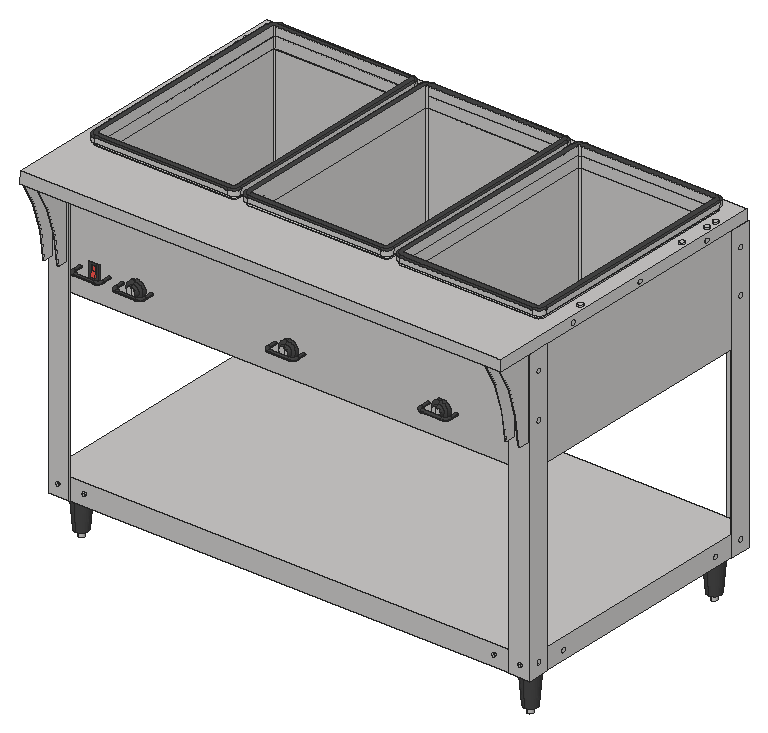
Revit family "QF_VOLLRATH_38217_SERVEWELL_SL_HOT_FOOD_TABLE", category Specialty Equipment, Revit 2022
Family settings
  Round Connector Dimension = Use Diameter
  Part Type = Normal
  Work Plane-Based = No
  Always vertical = Yes
  Cut with Voids When Loaded = No
  Maintain Annotation Orientation = No
  Shared = No
  Room Calculation Point = No
Parameters
  Weight in Pounds = 0
  Watts = 600 W
  Volts = 208 V
  URL Cutsheet = ""
  Specification by User = ""
  Specification by Manufacturer = ""
  Serial Number = ""
  Seismic Rating = ""
  SMACNA No = ""
  Revision Code = ""
  Phase = 1
  Number of Poles = 1
  NAFEM Spec ID Number = ""
  Model = "38217"
  Min Ckt Ampacity = 0 A
  Max Overcurrent Protection = 0 A
  Masterspec = ""
  Manufacturer = "VOLLRATH"
  Length = 46"
  Item Number = ""
  Installed By = ""
  Identify Quantity as Lot = yes
  Height = 34"
  HP = ""
  Furnished By = ""
  Foodservice Equipment Identifier = yes
  FL Amps = 15 A
  Electrical Remarks = ""
  Electric Connection Type = ""
  Elec Conn RI Height = 0"
  Elec Conn Connection Height = 0"
  Description = "SERVEWELL SL HOT FOOD TABLE"
  Depth = 29 1/2"
  Default Elevation = 0"
  Cycle = 0 Hz
  Conn Plug = "NEMA 6-15P"
  Conn Conduit = yes
  CSI MasterFormat = ""
  Apparent Power = if(Phase = 3, Volts * FL Amps * 1.73, Volts * FL Amps)  # 3120 VA
Reference planes (in)
  plane 1 "BACK": y = 0
  plane 2: z = 0
  plane 3 "LEFT": x = 0
  plane 4 "RIGHT": x = 46
  plane 5 "FRONT": y = -29.5
  plane 6 "TOP": z = 34
  plane 7 "Center Y": x = 23
  plane 8 "Center X": y = -14.75
Dimensions and locks (in)
  equal spacing: plane 3 "LEFT", plane 7 "Center Y", plane 4 "RIGHT"
  "Length": plane 3 "LEFT" to plane 4 "RIGHT"
  equal spacing: plane 5 "FRONT", plane 8 "Center X", plane 1 "BACK"
  "Depth": plane 5 "FRONT" to plane 1 "BACK"
  "Height": plane 6 "TOP" to level
  nested 1 to level = 4"
  plane 4 "RIGHT" to plane 3 "LEFT" = 46"
  aligned and locked: level to plane 2
Nested families (in)
  nested 1: "QF_VOLLRATH_38203" at (0, 0, 0), type "QF_VOLLRATH_38203"
Connectors (in)
  electrical at (4.37729, -23.99392, 21.75393)
    settings: on nested 1, index 1, voltage 120 V, apparent load 0 VA, apparent load phase1 0 VA, apparent load phase2 0 VA, apparent load phase3 0 VA, power factor 1, load classification "Other", number of poles 1, system type 30, power factor state 1, is connector primary yes, connector utility no, sub classification motor no, connector description "ELECTRICAL CONNECTION"
Definition of nested family "QF_VOLLRATH_38203"
  Parameters (values of type "QF_VOLLRATH_38203")
    Weight in Pounds = 0
    Watts = 480 W
    Volts = 120 V
    URL Cutsheet = ""
    Specification by User = ""
    Specification by Manufacturer = ""
    Serial Number = ""
    Seismic Rating = ""
    SMACNA No = ""
    Revision Code = ""
    Phase = 0
    Number of Poles = 1
    NAFEM Spec ID Number = ""
    Model = "38203"
    Min Ckt Ampacity = 0 A
    Max Overcurrent Protection = 0 A
    Masterspec = ""
    Manufacturer = "VOLLRATH"
    Length = 46"
    Item Number = ""
    Installed By = ""
    Identify Quantity as Lot = yes
    Height = 34"
    HP = ""
    Furnished By = ""
    Foodservice Equipment Identifier = yes
    FL Amps = 15 A
    Electrical Remarks = ""
    Electric Connection Type = ""
    Elec Conn RI Height = 0"
    Elec Conn Connection Height = 0"
    Description = "SERVEWELL SL HOT FOOD TABLE"
    Depth = 29 1/2"
    Default Elevation = 0"
    Cycle = 0 Hz
    Conn Plug = "NEMA 5-15P"
    Conn Conduit = yes
    CSI MasterFormat = ""
    Apparent Power = if(Phase = 3, Volts * FL Amps * 1.73, Volts * FL Amps)  # 1800 VA
  Reference planes (in)
    plane 1 "BACK": y = 0
    plane 2: z = 0
    plane 3 "LEFT": x = 0
    plane 4 "RIGHT": x = 46
    plane 5 "FRONT": y = -29.5
    plane 6 "TOP": z = 34
    plane 7 "Center Y": x = 23
    plane 8 "Center X": y = -14.75
    plane 9: z = 4
    plane 10: y = -26
    plane 11: z = 6
    plane 12: x = 1.5
    plane 13: y = -18.1465
  Forms (in)
    Extrusion 1, solid
      sketch origin (-38.39759, -180, 34) x (-1, 0, 0) y (0, -1, 0)
        loop
          line (-38.39759, -180) -> (-38.39759, -150.5) -> (-84.39759, -150.5) -> (-84.39759, -180) -> (-38.39759, -180)
        loop
          arc (-40.4056, -178.50988) -> (-40.29511, -178.46411) -> (-40.24935, -178.35363) r 0.15625
          line (-40.24935, -178.35363) -> (-40.24935, -157.60363)
          arc (-40.24935, -157.60363) -> (-40.29511, -157.49314) -> (-40.4056, -157.44738) r 0.15625
          line (-40.4056, -157.44738) -> (-53.1556, -157.44738)
          arc (-53.1556, -157.44738) -> (-53.26608, -157.49314) -> (-53.31185, -157.60363) r 0.15625
          line (-53.31185, -157.60363) -> (-53.31185, -178.35363)
          arc (-53.31185, -178.35363) -> (-53.26608, -178.46411) -> (-53.1556, -178.50988) r 0.15625
          line (-53.1556, -178.50988) -> (-40.4056, -178.50988)
        loop
          line (-82.38959, -178.50988) -> (-69.63959, -178.50988)
          arc (-69.63959, -178.50988) -> (-69.5291, -178.46411) -> (-69.48334, -178.35363) r 0.15625
          line (-69.48334, -178.35363) -> (-69.48334, -157.60363)
          arc (-69.48334, -157.60363) -> (-69.5291, -157.49314) -> (-69.63959, -157.44738) r 0.15625
          line (-69.63959, -157.44738) -> (-82.38959, -157.44738)
          arc (-82.38959, -157.44738) -> (-82.50007, -157.49314) -> (-82.54584, -157.60363) r 0.15625
          line (-82.54584, -157.60363) -> (-82.54584, -178.35363)
          arc (-82.54584, -178.35363) -> (-82.50007, -178.46411) -> (-82.38959, -178.50988) r 0.15625
        loop
          line (-67.76459, -178.50988) -> (-55.01459, -178.50988)
          arc (-55.01459, -178.50988) -> (-54.9041, -178.46411) -> (-54.85834, -178.35363) r 0.15625
          line (-54.85834, -178.35363) -> (-54.85834, -157.60363)
          arc (-54.85834, -157.60363) -> (-54.9041, -157.49314) -> (-55.01459, -157.44738) r 0.15625
          line (-55.01459, -157.44738) -> (-67.76459, -157.44738)
          arc (-67.76459, -157.44738) -> (-67.87507, -157.49314) -> (-67.92084, -157.60363) r 0.15625
          line (-67.92084, -157.60363) -> (-67.92084, -178.35363)
          arc (-67.92084, -178.35363) -> (-67.87507, -178.46411) -> (-67.76459, -178.50988) r 0.15625
      from -0.90354 to -1.94773
    Extrusion 2, solid
      sketch origin (0, 0, 0) x (1, 0, 0) y (0, 1, 0)
        loop
          line (0, -26) -> (46, -26) -> (46, 0) -> (0, 0) -> (0, -26)
        loop
          arc (14.91425, -1.64637) -> (14.86849, -1.53589) -> (14.758, -1.49012) r 0.15625
          line (14.758, -1.49012) -> (2.008, -1.49012)
          arc (2.008, -1.49012) -> (1.89752, -1.53589) -> (1.85175, -1.64637) r 0.15625
          line (1.85175, -1.64637) -> (1.85175, -22.39637)
          arc (1.85175, -22.39637) -> (1.89752, -22.50686) -> (2.008, -22.55262) r 0.15625
          line (2.008, -22.55262) -> (14.758, -22.55262)
          arc (14.758, -22.55262) -> (14.86849, -22.50686) -> (14.91425, -22.39637) r 0.15625
          line (14.91425, -22.39637) -> (14.91425, -1.64637)
        loop
          arc (16.47675, -22.39637) -> (16.52252, -22.50686) -> (16.633, -22.55262) r 0.15625
          line (16.633, -22.55262) -> (29.383, -22.55262)
          arc (29.383, -22.55262) -> (29.49349, -22.50686) -> (29.53925, -22.39637) r 0.15625
          line (29.53925, -22.39637) -> (29.53925, -1.64637)
          arc (29.53925, -1.64637) -> (29.49349, -1.53589) -> (29.383, -1.49012) r 0.15625
          line (29.383, -1.49012) -> (16.633, -1.49012)
          arc (16.633, -1.49012) -> (16.52252, -1.53589) -> (16.47675, -1.64637) r 0.15625
          line (16.47675, -1.64637) -> (16.47675, -22.39637)
        loop
          arc (31.08575, -22.39637) -> (31.13151, -22.50686) -> (31.242, -22.55262) r 0.15625
          line (31.242, -22.55262) -> (43.992, -22.55262)
          arc (43.992, -22.55262) -> (44.10248, -22.50686) -> (44.14825, -22.39637) r 0.15625
          line (44.14825, -22.39637) -> (44.14825, -1.64637)
          arc (44.14825, -1.64637) -> (44.10248, -1.53589) -> (43.992, -1.49012) r 0.15625
          line (43.992, -1.49012) -> (31.242, -1.49012)
          arc (31.242, -1.49012) -> (31.13151, -1.53589) -> (31.08575, -1.64637) r 0.15625
          line (31.08575, -1.64637) -> (31.08575, -22.39637)
      from 21.87893 to 32.05227
    Extrusion 3, solid
      sketch origin (0, 0, 0) x (1, 0, 0) y (0, 1, 0)
        loop
          line (-0.0625, -26.0625) -> (1.9375, -26.0625) -> (1.9375, -26) -> (0, -26) -> (0, -24.0625) -> (-0.0625, -24.0625) -> (-0.0625, -26.0625)
        loop
          line (46.0625, -26.0625) -> (46.0625, -24.0625) -> (46, -24.0625) -> (46, -26) -> (44.0625, -26) -> (44.0625, -26.0625) -> (46.0625, -26.0625)
        loop
          line (-0.0625, 0.0625) -> (-0.0625, -1.9375) -> (0, -1.9375) -> (0, 0) -> (1.9375, 0) -> (1.9375, 0.0625) -> (-0.0625, 0.0625)
        loop
          line (46.0625, 0.0625) -> (44.0625, 0.0625) -> (44.0625, 0) -> (46, 0) -> (46, -1.9375) -> (46.0625, -1.9375) -> (46.0625, 0.0625)
      from 4 to 32.05227
    Extrusion 4, solid
      sketch origin (0, -180, 4) x (-1, 0, 0) y (0, -1, 0)
        loop
          line (0, -180) -> (0, -154) -> (-46, -154) -> (-46, -180) -> (0, -180)
      from 0 to 2
    Revolve 5, solid
      sketch origin (44.5, 0, 0) x (0, 1, 0) y (0, 0, -1)
        loop
          line (-24.0625, -4) -> (-24.0625, 0) -> (-24.34375, 0) -> (-24.34375, -0.5625) -> (-24.69114, -0.5625) -> (-24.99188, -4) -> (-24.0625, -4)
        axis (-24.0625, -4) -> (-24.0625, 0)
      angle from 0 to 360
    Sweep 6, solid
      path origin (0, 0, 0) x (1, 0, 0) y (0, 1, 0)
        loop
          arc (2.008, -1.14637) -> (1.65445, -1.29282) -> (1.508, -1.64637) r 0.5
          line (1.508, -1.64637) -> (1.508, -22.39637)
          arc (1.508, -22.39637) -> (1.65445, -22.74993) -> (2.008, -22.89637) r 0.5
          line (2.008, -22.89637) -> (14.758, -22.89637)
          arc (14.758, -22.89637) -> (15.11156, -22.74993) -> (15.258, -22.39637) r 0.5
          line (15.258, -22.39637) -> (15.258, -1.64637)
          arc (15.258, -1.64637) -> (15.11156, -1.29282) -> (14.758, -1.14637) r 0.5
          line (14.758, -1.14637) -> (2.008, -1.14637)
      profile origin (8.383, -1.14637, 0) x (0, 1, 0) y (0, 0, 1)
        loop
          arc (0.21875, 33.86984) -> (0.18063, 33.96188) -> (0.08859, 34) r 0.13016
          line (0.08859, 34) -> (-0.34375, 34) -> (-0.34375, 21.87893) -> (0, 21.87893) -> (0, 33.09646)
          arc (0, 33.09646) -> (-0.07256, 33.26176) -> (-0.03125, 33.4375) r 0.285
          line (-0.03125, 33.4375) -> (0.21875, 33.4375) -> (0.21875, 33.86984)
    Sweep 7, solid
      path origin (14.625, 0, 0) x (1, 0, 0) y (0, 1, 0)
        loop
          arc (2.008, -1.14637) -> (1.65445, -1.29282) -> (1.508, -1.64637) r 0.5
          line (1.508, -1.64637) -> (1.508, -22.39637)
          arc (1.508, -22.39637) -> (1.65445, -22.74993) -> (2.008, -22.89637) r 0.5
          line (2.008, -22.89637) -> (14.758, -22.89637)
          arc (14.758, -22.89637) -> (15.11156, -22.74993) -> (15.258, -22.39637) r 0.5
          line (15.258, -22.39637) -> (15.258, -1.64637)
          arc (15.258, -1.64637) -> (15.11156, -1.29282) -> (14.758, -1.14637) r 0.5
          line (14.758, -1.14637) -> (2.008, -1.14637)
      profile origin (23.008, -1.14637, 0) x (0, 1, 0) y (0, 0, 1)
        loop
          arc (0.21875, 33.86984) -> (0.18063, 33.96188) -> (0.08859, 34) r 0.13016
          line (0.08859, 34) -> (-0.34375, 34) -> (-0.34375, 21.87893) -> (0, 21.87893) -> (0, 33.09646)
          arc (0, 33.09646) -> (-0.07256, 33.26176) -> (-0.03125, 33.4375) r 0.285
          line (-0.03125, 33.4375) -> (0.21875, 33.4375) -> (0.21875, 33.86984)
    Sweep 8, solid
      path origin (46, 0, 0) x (-1, 0, 0) y (0, -1, 0)
        loop
          line (2.008, 1.14637) -> (14.758, 1.14637)
          arc (14.758, 1.14637) -> (15.11156, 1.29282) -> (15.258, 1.64637) r 0.5
          line (15.258, 1.64637) -> (15.258, 22.39637)
          arc (15.258, 22.39637) -> (15.11156, 22.74993) -> (14.758, 22.89637) r 0.5
          line (14.758, 22.89637) -> (2.008, 22.89637)
          arc (2.008, 22.89637) -> (1.65445, 22.74993) -> (1.508, 22.39637) r 0.5
          line (1.508, 22.39637) -> (1.508, 1.64637)
          arc (1.508, 1.64637) -> (1.65445, 1.29282) -> (2.008, 1.14637) r 0.5
      profile origin (37.617, -1.14637, 0) x (0, -1, 0) y (0, 0, 1)
        loop
          line (-0.21875, 33.86984) -> (-0.21875, 33.4375) -> (0.03125, 33.4375)
          arc (0.03125, 33.4375) -> (0.07256, 33.26176) -> (0, 33.09646) r 0.285
          line (0, 33.09646) -> (0, 21.87893) -> (0.34375, 21.87893) -> (0.34375, 34) -> (-0.08859, 34)
          arc (-0.08859, 34) -> (-0.18063, 33.96188) -> (-0.21875, 33.86984) r 0.13016
    Extrusion 9, solid
      sketch origin (0, 0, 0) x (0, 1, 0) y (0, 0, 1)
        loop
          arc (-29.38523, 32.05227) -> (-27.76168, 28.48926) -> (-27.05801, 24.63752) r 15.90135
          arc (-27.05801, 24.63752) -> (-26.98006, 24.47007) -> (-26.80842, 24.40183) r 0.25
          line (-26.80842, 24.40183) -> (-26.0625, 24.40183) -> (-26.0625, 32.05227) -> (-29.38523, 32.05227)
      from 0.19267 to 0.26943
    Extrusion 10, solid
      sketch origin (1.38301, 0, 0) x (0, 1, 0) y (0, 0, 1)
        loop
          arc (-29.38523, 32.05227) -> (-27.76168, 28.48926) -> (-27.05801, 24.63752) r 15.90135
          arc (-27.05801, 24.63752) -> (-26.98006, 24.47007) -> (-26.80842, 24.40183) r 0.25
          line (-26.80842, 24.40183) -> (-26.0625, 24.40183) -> (-26.0625, 32.05227) -> (-29.38523, 32.05227)
      from 0.12501 to 0.21028
    Extrusion 11, solid
      sketch origin (46, 0, 0) x (0, 1, 0) y (0, 0, -1)
        loop
          line (-29.38523, -32.05227) -> (-26.0625, -32.05227) -> (-26.0625, -24.40183) -> (-26.80842, -24.40183)
          arc (-26.80842, -24.40183) -> (-26.98006, -24.47007) -> (-27.05801, -24.63752) r 0.25
          arc (-27.05801, -24.63752) -> (-27.76168, -28.48926) -> (-29.38523, -32.05227) r 15.90135
      from 0.19267 to 0.26943
    Extrusion 12, solid
      sketch origin (44.61699, 0, 0) x (0, 1, 0) y (0, 0, -1)
        loop
          line (-29.38523, -32.05227) -> (-26.0625, -32.05227) -> (-26.0625, -24.40183) -> (-26.80842, -24.40183)
          arc (-26.80842, -24.40183) -> (-26.98006, -24.47007) -> (-27.05801, -24.63752) r 0.25
          arc (-27.05801, -24.63752) -> (-27.76168, -28.48926) -> (-29.38523, -32.05227) r 15.90135
      from 0.12501 to 0.21028
    Revolve 13, solid
      sketch origin (8.383, 0.0625, 0) x (0, 1, 0) y (0, 0, 1)
        loop
          line (-26.0625, 24.44451) -> (-26.0625, 25.25473) -> (-26.36725, 25.25473) -> (-26.50448, 24.94383) -> (-26.8125, 24.8613) -> (-26.8125, 24.44451) -> (-26.0625, 24.44451)
        axis (-26.8125, 24.44451) -> (-26.0625, 24.44451)
      angle from 0 to 360
    Sweep 14, solid
      path origin (0, 0, 0) x (1, 0, 0) y (0, 1, 0)
        loop
          line (7, -26) -> (7, -26.83521)
          arc (7, -26.83521) -> (7.12149, -27.12851) -> (7.41479, -27.25) r 0.41479
          line (7.41479, -27.25) -> (9.33594, -27.25)
          arc (9.33594, -27.25) -> (9.62872, -27.12872) -> (9.75, -26.83594) r 0.41406
          line (9.75, -26.83594) -> (9.75, -26)
      profile origin (8.37537, -27.25, 0) x (0, 1, 0) y (0, 0, 1)
        loop
          circle (0, 24.4375) r 0.125
    Revolve 15, solid
      sketch origin (23, 0.0625, 0) x (0, 1, 0) y (0, 0, 1)
        loop
          line (-26.0625, 24.44451) -> (-26.0625, 25.25473) -> (-26.36725, 25.25473) -> (-26.50448, 24.94383) -> (-26.8125, 24.8613) -> (-26.8125, 24.44451) -> (-26.0625, 24.44451)
        axis (-26.8125, 24.44451) -> (-26.0625, 24.44451)
      angle from 0 to 360
    Sweep 16, solid
      path origin (14.617, 0, 0) x (1, 0, 0) y (0, 1, 0)
        loop
          line (7, -26) -> (7, -26.83521)
          arc (7, -26.83521) -> (7.12149, -27.12851) -> (7.41479, -27.25) r 0.41479
          line (7.41479, -27.25) -> (9.33594, -27.25)
          arc (9.33594, -27.25) -> (9.62872, -27.12872) -> (9.75, -26.83594) r 0.41406
          line (9.75, -26.83594) -> (9.75, -26)
      profile origin (22.99236, -27.25, 0) x (0, 1, 0) y (0, 0, 1)
        loop
          circle (0, 24.4375) r 0.125
    Revolve 17, solid
      sketch origin (37.617, 0.0625, 0) x (0, 1, 0) y (0, 0, -1)
        loop
          line (-26.0625, -24.44451) -> (-26.8125, -24.44451) -> (-26.8125, -24.8613) -> (-26.50448, -24.94383) -> (-26.36725, -25.25473) -> (-26.0625, -25.25473) -> (-26.0625, -24.44451)
        axis (-26.8125, -24.44451) -> (-26.0625, -24.44451)
      angle from 0 to 360
    Sweep 18, solid
      path origin (46, 0, 0) x (-1, 0, 0) y (0, -1, 0)
        loop
          line (7, 26) -> (7, 26.83521)
          arc (7, 26.83521) -> (7.12149, 27.12851) -> (7.41479, 27.25) r 0.41479
          line (7.41479, 27.25) -> (9.33594, 27.25)
          arc (9.33594, 27.25) -> (9.62872, 27.12872) -> (9.75, 26.83594) r 0.41406
          line (9.75, 26.83594) -> (9.75, 26)
      profile origin (37.62463, -27.25, 0) x (0, -1, 0) y (0, 0, 1)
        loop
          circle (0, 24.4375) r 0.125
    Extrusion 19, solid
      sketch origin (0, -26, 0) x (1, 0, 0) y (0, 0, 1)
        loop
          line (3.81326, 25.25117) -> (3.81326, 23.75117) -> (4.81326, 23.75117) -> (4.81326, 25.25117) -> (3.81326, 25.25117)
        loop
          line (4.10495, 25.04634) -> (4.10495, 24.03072) -> (4.52019, 24.03072) -> (4.52019, 25.04634) -> (4.10495, 25.04634)
      from 0 to 0.0625
    Extrusion 20, solid
      sketch origin (4.10495, -26, 24.53072) x (0, 0, 1) y (0, -1, 0)
        loop
          line (0.51563, 0.0625) -> (0.51563, 0.12731) -> (0.05202, 0.12731) -> (-0.49994, 0.20488) -> (-0.49994, 0.0625) -> (0.51563, 0.0625)
      from 0 to 0.41524
    Sweep 21, solid
      path origin (-4.03125, 0, 0) x (1, 0, 0) y (0, 1, 0)
        loop
          line (7, -26) -> (7, -26.83521)
          arc (7, -26.83521) -> (7.12149, -27.12851) -> (7.41479, -27.25) r 0.41479
          line (7.41479, -27.25) -> (9.33594, -27.25)
          arc (9.33594, -27.25) -> (9.62872, -27.12872) -> (9.75, -26.83594) r 0.41406
          line (9.75, -26.83594) -> (9.75, -26)
      profile origin (4.34412, -27.25, 0) x (0, 1, 0) y (0, 0, 1)
        loop
          circle (0, 24.4375) r 0.125
    Extrusion 22, solid
      sketch origin (0, 0, 21.87893) x (0, 1, 0) y (1, 0, 0)
        loop
          circle (-19.65638, 8.32444) r 0.5
        loop
          line (-22.39637, 1.85175) -> (-1.64637, 1.85175)
          arc (-1.64637, 1.85175) -> (-1.53589, 1.89752) -> (-1.49012, 2.008) r 0.15625
          line (-1.49012, 2.008) -> (-1.49012, 14.758)
          arc (-1.49012, 14.758) -> (-1.53589, 14.86849) -> (-1.64637, 14.91425) r 0.15625
          line (-1.64637, 14.91425) -> (-22.39637, 14.91425)
          arc (-22.39637, 14.91425) -> (-22.50686, 14.86849) -> (-22.55262, 14.758) r 0.15625
          line (-22.55262, 14.758) -> (-22.55262, 2.008)
          arc (-22.55262, 2.008) -> (-22.50686, 1.89752) -> (-22.39637, 1.85175) r 0.15625
        loop
          circle (-19.65638, 37.67556) r 0.5
        loop
          arc (-22.39637, 44.14825) -> (-22.50686, 44.10248) -> (-22.55262, 43.992) r 0.15625
          line (-22.55262, 43.992) -> (-22.55262, 31.242)
          arc (-22.55262, 31.242) -> (-22.50686, 31.13151) -> (-22.39637, 31.08575) r 0.15625
          line (-22.39637, 31.08575) -> (-1.64637, 31.08575)
          arc (-1.64637, 31.08575) -> (-1.53589, 31.13151) -> (-1.49012, 31.242) r 0.15625
          line (-1.49012, 31.242) -> (-1.49012, 43.992)
          arc (-1.49012, 43.992) -> (-1.53589, 44.10248) -> (-1.64637, 44.14825) r 0.15625
          line (-1.64637, 44.14825) -> (-22.39637, 44.14825)
        loop
          circle (-19.65638, 23.05056) r 0.5
        loop
          arc (-22.39637, 29.52325) -> (-22.50686, 29.47748) -> (-22.55262, 29.367) r 0.15625
          line (-22.55262, 29.367) -> (-22.55262, 16.617)
          arc (-22.55262, 16.617) -> (-22.50686, 16.50651) -> (-22.39637, 16.46075) r 0.15625
          line (-22.39637, 16.46075) -> (-1.64637, 16.46075)
          arc (-1.64637, 16.46075) -> (-1.53589, 16.50651) -> (-1.49012, 16.617) r 0.15625
          line (-1.49012, 16.617) -> (-1.49012, 29.367)
          arc (-1.49012, 29.367) -> (-1.53589, 29.47748) -> (-1.64637, 29.52325) r 0.15625
          line (-1.64637, 29.52325) -> (-22.39637, 29.52325)
      from 0 to -0.48173
    Extrusion 23, solid
      sketch origin (0.1875, 0, 21.87893) x (0, 1, 0) y (1, 0, 0)
        loop
          circle (-23.99392, 4.18979) r 0.5
      from 0 to 0.125
    Extrusion 24, solid
      sketch origin (0, 0, 21.87893) x (0, 1, 0) y (1, 0, 0)
        loop
          circle (-19.65551, 8.32474) r 0.5
        loop
          circle (-19.65551, 37.67526) r 0.5
        loop
          circle (-19.65551, 23.05469) r 0.5
        loop
          circle (-19.65551, 8.32474) r 0.5625
        loop
          circle (-19.65551, 23.05469) r 0.5625
        loop
          circle (-19.65551, 37.67526) r 0.5625
      from 0 to 2
    Extrusion 25, solid
      sketch origin (0, 0, 0) x (1, 0, 0) y (0, 0, 1)
        loop
          arc (8.11974, 21.11331) -> (7.98829, 20.87122) -> (8.15928, 20.65522) r 0.25
          line (8.15928, 20.65522) -> (8.15928, 19.87893) -> (8.44974, 19.87893) -> (8.44974, 20.65323)
          arc (8.44974, 20.65323) -> (8.62739, 20.87543) -> (8.48208, 21.12001) r 0.25
          line (8.48208, 21.12001) -> (8.48208, 21.37213) -> (8.11974, 21.37213) -> (8.11974, 21.11331)
      from 20.74955 to 20.32975
    Extrusion 26, solid
      sketch origin (0, 0, 0) x (1, 0, 0) y (0, 0, 1)
        loop
          circle (8.30179, 20.88613) r 0.25
      from 20.15525 to 20.32975
    Extrusion 27, solid
      sketch origin (14.69909, 0, 0) x (1, 0, 0) y (0, 0, 1)
        loop
          arc (8.11974, 21.11331) -> (7.98829, 20.87122) -> (8.15928, 20.65522) r 0.25
          line (8.15928, 20.65522) -> (8.15928, 19.87893) -> (8.44974, 19.87893) -> (8.44974, 20.65323)
          arc (8.44974, 20.65323) -> (8.62739, 20.87543) -> (8.48208, 21.12001) r 0.25
          line (8.48208, 21.12001) -> (8.48208, 21.37213) -> (8.11974, 21.37213) -> (8.11974, 21.11331)
      from 20.74955 to 20.32975
    Extrusion 28, solid
      sketch origin (14.69909, 0, 0) x (1, 0, 0) y (0, 0, 1)
        loop
          circle (8.30179, 20.88613) r 0.25
      from 20.15525 to 20.32975
    Extrusion 29, solid
      sketch origin (29.38659, 0, 0) x (1, 0, 0) y (0, 0, 1)
        loop
          arc (8.11974, 21.11331) -> (7.98829, 20.87122) -> (8.15928, 20.65522) r 0.25
          line (8.15928, 20.65522) -> (8.15928, 19.87893) -> (8.44974, 19.87893) -> (8.44974, 20.65323)
          arc (8.44974, 20.65323) -> (8.62739, 20.87543) -> (8.48208, 21.12001) r 0.25
          line (8.48208, 21.12001) -> (8.48208, 21.37213) -> (8.11974, 21.37213) -> (8.11974, 21.11331)
      from 20.74955 to 20.32975
    Extrusion 30, solid
      sketch origin (29.38659, 0, 0) x (1, 0, 0) y (0, 0, 1)
        loop
          circle (8.30179, 20.88613) r 0.25
      from 20.15525 to 20.32975
    Extrusion 31, solid
      sketch origin (46, 0, 34) x (0, -1, 0) y (0, 0, -1)
        loop
          circle (25.09699, 3.76064) r 0.17669
        loop
          circle (25.09699, 8.01064) r 0.17669
        loop
          circle (25.09699, 28.76064) r 0.17669
        loop
          circle (22.10841, 29.02211) r 0.17669
        loop
          circle (3.92282, 29.02211) r 0.17669
        loop
          circle (0.93013, 28.81284) r 0.17669
        loop
          circle (0.93013, 7.8989) r 0.17669
        loop
          circle (0.93013, 3.74659) r 0.17669
        loop
          circle (20.96222, 1.42378) r 0.17669
        loop
          circle (12.96222, 1.42378) r 0.17669
        loop
          circle (4.96222, 1.42378) r 0.17669
      from 0 to 0.125
    Extrusion 32, solid
      sketch origin (0, 0, 34) x (0, -1, 0) y (0, 0, 1)
        loop
          circle (25.09699, -3.76064) r 0.17669
        loop
          circle (25.09699, -8.01064) r 0.17669
        loop
          circle (25.09699, -28.76064) r 0.17669
        loop
          circle (22.10841, -29.02211) r 0.17669
        loop
          circle (3.92282, -29.02211) r 0.17669
        loop
          circle (0.93013, -28.81284) r 0.17669
        loop
          circle (0.93013, -7.8989) r 0.17669
        loop
          circle (0.93013, -3.74659) r 0.17669
        loop
          circle (20.96222, -1.42378) r 0.17669
        loop
          circle (12.96222, -1.42378) r 0.17669
        loop
          circle (4.96222, -1.42378) r 0.17669
      from 0 to 0.125
    Extrusion 33, solid
      sketch origin (46.0625, -26.0625, 0) x (-1, 0, 0) y (0, 0, -1)
        loop
          circle (0.93848, -30.25949) r 0.14866
        loop
          circle (0.93848, -26.00949) r 0.14866
        loop
          circle (0.93848, -5.09351) r 0.14866
        loop
          circle (3.43848, -5.09351) r 0.14866
        loop
          circle (45.18652, -30.25949) r 0.14866
        loop
          circle (45.18652, -26.00949) r 0.14866
        loop
          circle (45.18652, -5.09351) r 0.14866
        loop
          circle (42.68652, -5.09351) r 0.14866
      from 0 to 0.0625
    Revolve 34, solid
      sketch origin (1.5, 0, 0) x (0, 1, 0) y (0, 0, 1)
        loop
          line (-24.0625, 4) -> (-24.99188, 4) -> (-24.69114, 0.5625) -> (-24.34375, 0.5625) -> (-24.34375, 0) -> (-24.0625, 0) -> (-24.0625, 4)
        axis (-24.0625, 4) -> (-24.0625, 0)
      angle from 0 to 360
    Revolve 35, solid
      sketch origin (1.5, -26.125, 0) x (0, -1, 0) y (0, 0, -1)
        loop
          line (-24.0625, -4) -> (-24.0625, 0) -> (-24.34375, 0) -> (-24.34375, -0.5625) -> (-24.69114, -0.5625) -> (-24.99188, -4) -> (-24.0625, -4)
        axis (-24.0625, -4) -> (-24.0625, 0)
      angle from 0 to 360
    Revolve 36, solid
      sketch origin (44.5, -26.125, 0) x (0, -1, 0) y (0, 0, 1)
        loop
          line (-24.0625, 4) -> (-24.99188, 4) -> (-24.69114, 0.5625) -> (-24.34375, 0.5625) -> (-24.34375, 0) -> (-24.0625, 0) -> (-24.0625, 4)
        axis (-24.0625, 4) -> (-24.0625, 0)
      angle from 0 to 360
    Blend 37, solid
      base sketch origin (0, 0, 0) x (1, 0, 0) y (0, 1, 0)
        loop
          line (40.06273, -18.1465) -> (40.06273, -23.02664) -> (44.56273, -23.02664) -> (44.56273, -18.1465) -> (40.06273, -18.1465)
      top sketch origin (0, 0, 0) x (1, 0, 0) y (0, 1, 0)
        loop
          line (40.56273, -22.52664) -> (44.06273, -22.52664) -> (44.06273, -18.6465) -> (40.56273, -18.6465) -> (40.56273, -22.52664)
      from 4 to 3.30089
    Blend 38, solid
      base sketch origin (46, 0, 0) x (-1, 0, 0) y (0, -1, 0)
        loop
          line (40.06273, 18.1465) -> (44.56273, 18.1465) -> (44.56273, 23.02664) -> (40.06273, 23.02664) -> (40.06273, 18.1465)
      top sketch origin (46, 0, 0) x (-1, 0, 0) y (0, -1, 0)
        loop
          line (40.56273, 22.52664) -> (40.56273, 18.6465) -> (44.06273, 18.6465) -> (44.06273, 22.52664) -> (40.56273, 22.52664)
      from 4 to 3.30089
    Blend 39, solid
      base sketch origin (0, -26.0164, 0) x (1, 0, 0) y (0, 1, 0)
        loop
          line (40.06273, 18.1465) -> (44.56273, 18.1465) -> (44.56273, 23.02664) -> (40.06273, 23.02664) -> (40.06273, 18.1465)
      top sketch origin (0, -26.0164, 0) x (1, 0, 0) y (0, 1, 0)
        loop
          line (40.56273, 22.52664) -> (40.56273, 18.6465) -> (44.06273, 18.6465) -> (44.06273, 22.52664) -> (40.56273, 22.52664)
      from 4 to 3.30089
    Blend 40, solid
      base sketch origin (46, -26.0164, 0) x (-1, 0, 0) y (0, -1, 0)
        loop
          line (40.06273, -18.1465) -> (40.06273, -23.02664) -> (44.56273, -23.02664) -> (44.56273, -18.1465) -> (40.06273, -18.1465)
      top sketch origin (46, -26.0164, 0) x (-1, 0, 0) y (0, -1, 0)
        loop
          line (40.56273, -22.52664) -> (44.06273, -22.52664) -> (44.06273, -18.6465) -> (40.56273, -18.6465) -> (40.56273, -22.52664)
      from 4 to 3.30089
    Extrusion 41, solid
      sketch origin (84.39759, -180, 33.09646) x (1, 0, 0) y (0, 1, 0)
        loop
          circle (-38.96584, 176.94303) r 0.25
        loop
          circle (-38.96584, 175.89791) r 0.25
        loop
          circle (-38.96584, 172.90202) r 0.25
        loop
          circle (-38.96584, 160.74577) r 0.25
      from 0 to 0.0625
    Extrusion 42, solid
      sketch origin (-38.39759, -180, 33.09646) x (-1, 0, 0) y (0, -1, 0)
        loop
          circle (-38.96584, -176.94303) r 0.25
        loop
          circle (-38.96584, -175.89791) r 0.25
        loop
          circle (-38.96584, -172.90202) r 0.25
        loop
          circle (-38.96584, -160.74577) r 0.25
      from 0 to 0.0625
  Cuts and joins
    joined: Extrusion 2, Extrusion 3, Extrusion 4
  Lines and regions (in)
    Split face 1
      outline origin (0, -26, 32.05227) x (0, 0, -1) y (1, 0, 0)
        loop
          line (6.04686, 9.36933) -> (6.48436, 9.36933) -> (6.48436, 10.36933) -> (6.04686, 10.36933) -> (6.04686, 9.36933)
    Split face 2
      outline origin (0, -26, 32.05227) x (0, 0, -1) y (1, 0, 0)
        loop
          circle (6.79224, 9.82181) r 0.16586
    Split face 3
      outline origin (0, -26, 32.05227) x (0, 0, -1) y (1, 0, 0)
        loop
          line (6.04686, 23.61933) -> (6.48436, 23.61933) -> (6.48436, 24.61933) -> (6.04686, 24.61933) -> (6.04686, 23.61933)
    Split face 4
      outline origin (0, -26, 32.05227) x (0, 0, -1) y (1, 0, 0)
        loop
          circle (6.79224, 24.10306) r 0.16586
    Split face 5
      outline origin (0, -26, 32.05227) x (0, 0, -1) y (1, 0, 0)
        loop
          line (6.04686, 38.36933) -> (6.48436, 38.36933) -> (6.48436, 39.36933) -> (6.04686, 39.36933) -> (6.04686, 38.36933)
    Split face 6
      outline origin (0, -26, 32.05227) x (0, 0, -1) y (1, 0, 0)
        loop
          circle (6.79224, 38.86868) r 0.16586
    Split face 7
      outline origin (0, -26, 32.05227) x (0, 0, -1) y (1, 0, 0)
        loop
          arc (6.95843, 13.99045) -> (6.98589, 13.92416) -> (7.05218, 13.8967) r 0.09375
          line (7.05218, 13.8967) -> (8.17718, 13.8967)
          arc (8.17718, 13.8967) -> (8.24347, 13.92416) -> (8.27093, 13.99045) r 0.09375
          line (8.27093, 13.99045) -> (8.27093, 17.92817)
          arc (8.27093, 17.92817) -> (8.24353, 17.99431) -> (8.1774, 18.0217) r 0.09353
          line (8.1774, 18.0217) -> (7.05218, 18.0217)
          arc (7.05218, 18.0217) -> (6.98589, 17.99424) -> (6.95843, 17.92795) r 0.09375
          line (6.95843, 17.92795) -> (6.95843, 13.99045)
    symbolic lines
      curve 1: line (0, 0, 0) -> (0, -29.5, 0)
      curve 2: line (0, -29.5, 0) -> (46, -29.5, 0)
      curve 3: line (46, -29.5, 0) -> (46, 0, 0)
      curve 4: line (46, 0, 0) -> (0, 0, 0)
      curve 5: line (14.758, -22.55262, 0) -> (2.008, -22.55262, 0)
      curve 6: arc (2.008, -22.55262, 0) -> (1.89752, -22.50686, 0) -> (1.85175, -22.39637, 0) r 0.15625
      curve 7: line (1.85175, -22.39637, 0) -> (1.85175, -1.64637, 0)
      curve 8: arc (1.85175, -1.64637, 0) -> (1.89752, -1.53589, 0) -> (2.008, -1.49012, 0) r 0.15625
      curve 9: line (2.008, -1.49012, 0) -> (14.758, -1.49012, 0)
      curve 10: arc (14.758, -1.49012, 0) -> (14.86849, -1.53589, 0) -> (14.91425, -1.64637, 0) r 0.15625
      curve 11: line (14.91425, -1.64637, 0) -> (14.91425, -22.39637, 0)
      curve 12: arc (14.91425, -22.39637, 0) -> (14.86849, -22.50686, 0) -> (14.758, -22.55262, 0) r 0.15625
      curve 13: line (14.758, -23.11512, 0) -> (2.008, -23.11512, 0)
      curve 14: arc (2.008, -23.11512, 0) -> (1.49977, -22.90461, 0) -> (1.28925, -22.39637, 0) r 0.71875
      curve 15: line (1.28925, -22.39637, 0) -> (1.28925, -1.64637, 0)
      curve 16: arc (1.28925, -1.64637, 0) -> (1.49977, -1.13814, 0) -> (2.008, -0.92762, 0) r 0.71875
      curve 17: line (2.008, -0.92762, 0) -> (14.758, -0.92762, 0)
      curve 18: arc (14.758, -0.92762, 0) -> (15.26624, -1.13814, 0) -> (15.47675, -1.64637, 0) r 0.71875
      curve 19: line (15.47675, -1.64637, 0) -> (15.47675, -22.39637, 0)
      curve 20: arc (15.47675, -22.39637, 0) -> (15.26624, -22.90461, 0) -> (14.758, -23.11512, 0) r 0.71875
      curve 21: arc (8.32444, -19.15638, 0) -> (8.82444, -19.65638, 0) -> (8.32444, -20.15638, 0) r 0.5
      curve 22: arc (8.32444, -20.15638, 0) -> (7.82444, -19.65638, 0) -> (8.32444, -19.15638, 0) r 0.5
      curve 23: line (29.383, -23.11512, 0) -> (16.633, -23.11512, 0)
      curve 24: arc (16.633, -23.11512, 0) -> (16.12477, -22.90461, 0) -> (15.91425, -22.39637, 0) r 0.71875
      curve 25: line (15.91425, -22.39637, 0) -> (15.91425, -1.64637, 0)
      curve 26: arc (15.91425, -1.64637, 0) -> (16.12477, -1.13814, 0) -> (16.633, -0.92762, 0) r 0.71875
      curve 27: line (16.633, -0.92762, 0) -> (29.383, -0.92762, 0)
      curve 28: arc (29.383, -0.92762, 0) -> (29.89124, -1.13814, 0) -> (30.10175, -1.64637, 0) r 0.71875
      curve 29: line (30.10175, -1.64637, 0) -> (30.10175, -22.39637, 0)
      curve 30: arc (30.10175, -22.39637, 0) -> (29.89124, -22.90461, 0) -> (29.383, -23.11512, 0) r 0.71875
      curve 31: line (16.47675, -22.39637, 0) -> (16.47675, -1.64637, 0)
      curve 32: arc (16.47675, -1.64637, 0) -> (16.52252, -1.53589, 0) -> (16.633, -1.49012, 0) r 0.15625
      curve 33: line (16.633, -1.49012, 0) -> (29.383, -1.49012, 0)
      curve 34: arc (29.383, -1.49012, 0) -> (29.49349, -1.53589, 0) -> (29.53925, -1.64637, 0) r 0.15625
      curve 35: line (29.53925, -1.64637, 0) -> (29.53925, -22.39637, 0)
      curve 36: arc (29.53925, -22.39637, 0) -> (29.49349, -22.50686, 0) -> (29.383, -22.55262, 0) r 0.15625
      curve 37: line (29.383, -22.55262, 0) -> (16.633, -22.55262, 0)
      curve 38: arc (16.633, -22.55262, 0) -> (16.52252, -22.50686, 0) -> (16.47675, -22.39637, 0) r 0.15625
      curve 39: arc (23.05056, -20.15638, 0) -> (22.55056, -19.65638, 0) -> (23.05056, -19.15638, 0) r 0.5
      curve 40: arc (23.05056, -19.15638, 0) -> (23.55056, -19.65638, 0) -> (23.05056, -20.15638, 0) r 0.5
      curve 41: arc (37.67556, -20.15638, 0) -> (37.17556, -19.65638, 0) -> (37.67556, -19.15638, 0) r 0.5
      curve 42: arc (37.67556, -19.15638, 0) -> (38.17556, -19.65638, 0) -> (37.67556, -20.15638, 0) r 0.5
      curve 43: line (43.992, -22.55262, 0) -> (31.242, -22.55262, 0)
      curve 44: arc (31.242, -22.55262, 0) -> (31.13151, -22.50686, 0) -> (31.08575, -22.39637, 0) r 0.15625
      curve 45: line (31.08575, -22.39637, 0) -> (31.08575, -1.64637, 0)
      curve 46: arc (31.08575, -1.64637, 0) -> (31.13151, -1.53589, 0) -> (31.242, -1.49012, 0) r 0.15625
      curve 47: line (31.242, -1.49012, 0) -> (43.992, -1.49012, 0)
      curve 48: arc (43.992, -1.49012, 0) -> (44.10248, -1.53589, 0) -> (44.14825, -1.64637, 0) r 0.15625
      curve 49: line (44.14825, -1.64637, 0) -> (44.14825, -22.39637, 0)
      curve 50: arc (44.14825, -22.39637, 0) -> (44.10248, -22.50686, 0) -> (43.992, -22.55262, 0) r 0.15625
      curve 51: line (43.992, -23.11512, 0) -> (31.242, -23.11512, 0)
      curve 52: arc (31.242, -23.11512, 0) -> (30.73376, -22.90461, 0) -> (30.52325, -22.39637, 0) r 0.71875
      curve 53: line (30.52325, -22.39637, 0) -> (30.52325, -1.64637, 0)
      curve 54: arc (30.52325, -1.64637, 0) -> (30.73376, -1.13814, 0) -> (31.242, -0.92762, 0) r 0.71875
      curve 55: line (31.242, -0.92762, 0) -> (43.992, -0.92762, 0)
      curve 56: arc (43.992, -0.92762, 0) -> (44.50023, -1.13814, 0) -> (44.71075, -1.64637, 0) r 0.71875
      curve 57: line (44.71075, -1.64637, 0) -> (44.71075, -22.39637, 0)
      curve 58: arc (44.71075, -22.39637, 0) -> (44.50023, -22.90461, 0) -> (43.992, -23.11512, 0) r 0.71875
      curve 59: arc (0.81824, -19.25423, 0) -> (0.56824, -19.00423, 0) -> (0.31824, -19.25423, 0) r 0.25
      curve 60: arc (0.31824, -19.25423, 0) -> (0.56824, -19.50423, 0) -> (0.81824, -19.25423, 0) r 0.25
      curve 61: arc (0.81824, -7.09798, 0) -> (0.56824, -6.84798, 0) -> (0.31824, -7.09798, 0) r 0.25
      curve 62: arc (0.31824, -7.09798, 0) -> (0.56824, -7.34798, 0) -> (0.81824, -7.09798, 0) r 0.25
      curve 63: arc (0.81748, -4.10209, 0) -> (0.56748, -3.85209, 0) -> (0.31748, -4.10209, 0) r 0.25
      curve 64: arc (0.31748, -4.10209, 0) -> (0.56748, -4.35209, 0) -> (0.81748, -4.10209, 0) r 0.25
      curve 65: arc (0.31748, -3.05697, 0) -> (0.56748, -3.30697, 0) -> (0.81748, -3.05697, 0) r 0.25
      curve 66: arc (0.81748, -3.05697, 0) -> (0.56748, -2.80697, 0) -> (0.31748, -3.05697, 0) r 0.25
      curve 67: arc (45.18176, -3.05697, 0) -> (45.43176, -3.30697, 0) -> (45.68176, -3.05697, 0) r 0.25
      curve 68: arc (45.68176, -3.05697, 0) -> (45.43176, -2.80697, 0) -> (45.18176, -3.05697, 0) r 0.25
      curve 69: arc (45.18176, -4.10209, 0) -> (45.43176, -4.35209, 0) -> (45.68176, -4.10209, 0) r 0.25
      curve 70: arc (45.68176, -4.10209, 0) -> (45.43176, -3.85209, 0) -> (45.18176, -4.10209, 0) r 0.25
      curve 71: arc (45.18176, -7.09798, 0) -> (45.43176, -7.34798, 0) -> (45.68176, -7.09798, 0) r 0.25
      curve 72: arc (45.68176, -7.09798, 0) -> (45.43176, -6.84798, 0) -> (45.18176, -7.09798, 0) r 0.25
      curve 73: arc (45.18176, -19.25423, 0) -> (45.43176, -19.50423, 0) -> (45.68176, -19.25423, 0) r 0.25
      curve 74: arc (45.68176, -19.25423, 0) -> (45.43176, -19.00423, 0) -> (45.18176, -19.25423, 0) r 0.25
  Dimensions and locks (in)
    equal spacing: plane 3 "LEFT", plane 7 "Center Y", plane 4 "RIGHT"
    "Length": plane 3 "LEFT" to plane 4 "RIGHT"
    equal spacing: plane 5 "FRONT", plane 8 "Center X", plane 1 "BACK"
    "Depth": plane 5 "FRONT" to plane 1 "BACK"
    "Height": plane 6 "TOP" to level
    plane 9 to level = 4"
    plane 5 "FRONT" to plane 1 "BACK" = 29 1/2"
    plane 10 to plane 1 "BACK" = 26"
    plane 11 to plane 9 = 2"
    plane 12 to plane 3 "LEFT" = 1 1/2"
    aligned and locked: level to plane 2
  Automatic sketch dimensions
    curve 6 to curve 14 = 0"
    curve 8 to curve 16 = 0"  (x2)
    curve 10 to curve 18 = 0"  (x2)
    curve 12 to curve 20 = 0"  (x2)
    curve 24 to curve 38 = 0"  (x2)
    curve 26 to curve 32 = 0"  (x2)
    curve 28 to curve 34 = 0"  (x2)
    curve 30 to curve 36 = 0"
    curve 44 to curve 52 = 0"  (x2)
    curve 46 to curve 54 = 0"
    curve 48 to curve 56 = 0"  (x2)
    curve 50 to curve 58 = 0"  (x2)
    curve 1 to plane 3 "LEFT" = 0"
    plane 1 "BACK" to curve 3 = 0"
    curve 3 to plane 4 "RIGHT" = 0"
    plane 5 "FRONT" to curve 1 = 0"
    plane 3 "LEFT" to curve 64 = 0.56748"
    plane 3 "LEFT" to curve 66 = 0.56748"
    plane 3 "LEFT" to curve 61 = 0.56824"
    plane 3 "LEFT" to curve 59 = 0.56824"
    curve 15 to plane 12 = 0.21075"
    plane 12 to curve 7 = 0.35175"
    curve 7 to curve 16 = 5/32"
    curve 7 to curve 14 = 5/32"
    plane 13 to curve 22 = 1.50988"
    plane 12 to curve 22 = 6.82444"
    plane 1 "BACK" to curve 9 = 1.49012"
    curve 9 to plane 7 "Center Y" = 8.242"
    plane 10 to curve 5 = 3.44738"
    curve 21 to curve 5 = 6.43356"
    curve 10 to curve 11 = 5/32"
    curve 18 to curve 25 = 7/16"
    curve 25 to curve 31 = 9/16"
    curve 31 to curve 27 = 5/32"
    curve 31 to curve 23 = 5/32"
    plane 7 "Center Y" to curve 39 = 0.05056"
    plane 7 "Center Y" to curve 37 = 6.383"
    plane 1 "BACK" to curve 34 = 1.64637"
    plane 7 "Center Y" to curve 34 = 6.383"
    curve 30 to curve 35 = 5/32"
    curve 29 to curve 53 = 0.42149"
    curve 52 to curve 45 = 9/16"
    curve 45 to curve 52 = 5/32"
    curve 46 to curve 46 = 5/32"
    plane 13 to curve 41 = 1.50988"
    curve 52 to curve 41 = 6.43356"
    plane 4 "RIGHT" to curve 47 = 2.008"
    plane 4 "RIGHT" to curve 43 = 2.008"
    curve 50 to curve 49 = 5/32"
    plane 10 to curve 51 = 2.88488"
    curve 23 to curve 19 = 23/32"
    plane 13 to curve 40 = 1.50988"
    plane 13 to curve 60 = 1.10773"
    curve 62 to curve 16 = 5.45161"
    curve 64 to curve 16 = 2.45572"
    curve 63 to curve 65 = 1.04512"
    curve 28 to curve 45 = 0"
    curve 63 to curve 63 = 1/4"
    curve 66 to curve 65 = 1/4"
    curve 61 to curve 61 = 1/4"
    curve 60 to curve 59 = 1/4"
    curve 22 to curve 21 = 1/2"
    curve 40 to curve 39 = 1/2"
    curve 41 to curve 41 = 1/2"
    plane 1 "BACK" to Extrusion 1 sketch curve = 0"
    Extrusion 1 sketch curve to plane 4 "RIGHT" = 0"
    Extrusion 1 sketch curve to plane 3 "LEFT" = 0"
    plane 5 "FRONT" to Extrusion 1 sketch curve = 0"
    plane 4 "RIGHT" to Extrusion 1 sketch curve = 1.85175"
    Extrusion 1 sketch curve to Extrusion 1 sketch curve = 5/32"  (x9)
    plane 10 to Extrusion 1 sketch curve = 3.44738"
    plane 7 "Center Y" to Extrusion 1 sketch curve = 8.242"  (x2)
    plane 1 "BACK" to Extrusion 1 sketch curve = 1.49012"  (x2)
    Extrusion 1 sketch curve to Extrusion 1 sketch curve = 1 9/16"
    Extrusion 1 sketch curve to plane 7 "Center Y" = 6.383"  (x2)
    plane 1 "BACK" to Extrusion 1 sketch curve = 1.64637"
    Extrusion 1 sketch curve to Extrusion 1 sketch curve = 1.54649"
    plane 12 to Extrusion 1 sketch curve = 0.508"  (x2)
    plane 10 to Extrusion 1 sketch curve = 3.60363"
    Extrusion 1 sketch curve to Extrusion 1 sketch curve = 0"
    Extrusion 2 sketch curve to plane 3 "LEFT" = 0"
    plane 1 "BACK" to Extrusion 2 sketch curve = 0"
    Extrusion 2 sketch curve to plane 4 "RIGHT" = 0"
    Extrusion 2 sketch curve to plane 10 = 0"
    plane 12 to Extrusion 2 sketch curve = 0.35175"
    Extrusion 2 sketch curve to Extrusion 2 sketch curve = 5/32"  (x10)
    plane 10 to Extrusion 2 sketch curve = 3.44738"  (x2)
    Extrusion 2 sketch curve to plane 7 "Center Y" = 8.242"  (x2)
    plane 1 "BACK" to Extrusion 2 sketch curve = 1.49012"  (x2)
    Extrusion 2 sketch curve to Extrusion 2 sketch curve = 1 9/16"
    plane 7 "Center Y" to Extrusion 2 sketch curve = 6.383"  (x2)
    Extrusion 2 sketch curve to Extrusion 2 sketch curve = 1.54649"
    plane 4 "RIGHT" to Extrusion 2 sketch curve = 2.008"  (x2)
    plane 1 "BACK" to Extrusion 2 sketch curve = 1.64637"
    plane 1 "BACK" to Extrusion 3 sketch curve = 0"  (x2)
    Extrusion 3 sketch curve to plane 3 "LEFT" = 0"  (x2)
    Extrusion 3 sketch curve to plane 10 = 0"  (x2)
    Extrusion 3 sketch curve to plane 4 "RIGHT" = 0"  (x2)
    Extrusion 3 sketch curve to Extrusion 3 sketch curve = 1/16"  (x2)
    Extrusion 3 sketch curve to plane 3 "LEFT" = 1/16"
    plane 12 to Extrusion 3 sketch curve = 7/16"  (x2)
    Extrusion 3 sketch curve to plane 10 = 1/16"  (x2)
    plane 4 "RIGHT" to Extrusion 3 sketch curve = 1 15/16"
    Extrusion 3 sketch curve to Extrusion 3 sketch curve = 1 15/16"  (x4)
    Extrusion 3 sketch curve to plane 4 "RIGHT" = 1/16"  (x2)
    plane 1 "BACK" to Extrusion 3 sketch curve = 1 15/16"
    Extrusion 3 sketch curve to plane 1 "BACK" = 1/16"
    plane 1 "BACK" to Extrusion 4 sketch curve = 0"
    Extrusion 4 sketch curve to plane 4 "RIGHT" = 0"
    Extrusion 4 sketch curve to plane 3 "LEFT" = 0"
    Extrusion 4 sketch curve to plane 10 = 0"
    Revolve 5 sketch curve to plane 9 = 0"
    Revolve 5 sketch curve to level = 0"
    plane 10 to Revolve 5 sketch curve = 1.00812"
    level to Revolve 5 sketch curve = 9/16"
    plane 10 to Revolve 5 sketch curve = 1.30886"
    Revolve 5 sketch curve to Revolve 5 sketch curve = 0.34739"
    Revolve 5 sketch curve to Revolve 5 sketch curve = 9/32"  (x2)
    Revolve 5 sketch curve to Revolve 5 sketch curve = 1/16"
    Revolve 5 sketch curve to Revolve 5 sketch curve = 1/4"
    plane 12 to Sweep 6 sketch curve = 0.008"
    plane 12 to Sweep 6 sketch curve = 0.508"  (x2)
    plane 10 to Sweep 6 sketch curve = 3.10363"
    Sweep 6 sketch curve to plane 7 "Center Y" = 8.242"  (x2)
    plane 1 "BACK" to Sweep 6 sketch curve = 1.14637"
    Sweep 6 sketch curve to Sweep 6 sketch curve = 1/2"
    Sweep 6 sketch curve to profile plane = 0"
    profile plane to Sweep 6 sketch curve = 1/32"
    Sweep 6 sketch curve to Sweep 6 sketch curve = 11/32"
    Sweep 6 sketch curve to profile plane = 0.08859"
    Sweep 6 sketch curve to profile plane = 0.21124"
    Sweep 6 sketch curve to Sweep 6 sketch curve = 0.00751"
    level to Sweep 6 sketch curve = 21 225/256"
    Sweep 6 sketch curve to Sweep 6 sketch curve = 11.21753"
    Sweep 6 sketch curve to Sweep 6 sketch curve = 0.19131"
    Sweep 6 sketch curve to Sweep 6 sketch curve = 0.43234"
    plane 10 to Sweep 7 sketch curve = 3.60363"
    Sweep 7 sketch curve to plane 7 "Center Y" = 6.867"
    Sweep 7 sketch curve to Sweep 7 sketch curve = 1/2"  (x3)
    plane 7 "Center Y" to Sweep 7 sketch curve = 6.383"  (x2)
    plane 1 "BACK" to Sweep 7 sketch curve = 1.14637"
    Sweep 7 sketch curve to profile plane = 0"
    profile plane to Sweep 7 sketch curve = 1/32"
    Sweep 7 sketch curve to Sweep 7 sketch curve = 11/32"
    Sweep 7 sketch curve to profile plane = 0.08859"
    Sweep 7 sketch curve to profile plane = 0.21124"
    Sweep 7 sketch curve to Sweep 7 sketch curve = 0.00751"
    level to Sweep 7 sketch curve = 21 225/256"
    Sweep 7 sketch curve to Sweep 7 sketch curve = 11.21753"
    Sweep 7 sketch curve to Sweep 7 sketch curve = 0.19131"
    Sweep 7 sketch curve to Sweep 7 sketch curve = 0.43234"
    plane 4 "RIGHT" to Sweep 8 sketch curve = 1.508"
    Sweep 8 sketch curve to Sweep 8 sketch curve = 1/2"  (x3)
    plane 10 to Sweep 8 sketch curve = 3.10363"
    plane 7 "Center Y" to Sweep 8 sketch curve = 8.242"  (x2)
    plane 1 "BACK" to Sweep 8 sketch curve = 1.14637"
    Sweep 8 sketch curve to profile plane = 0"
    profile plane to Sweep 8 sketch curve = 0.08859"
    profile plane to Sweep 8 sketch curve = 0.21124"
    Sweep 8 sketch curve to Sweep 8 sketch curve = 0.00751"
    Sweep 8 sketch curve to profile plane = 1/32"
    Sweep 8 sketch curve to profile plane = 11/32"
    level to Sweep 8 sketch curve = 21 225/256"
    Sweep 8 sketch curve to Sweep 8 sketch curve = 11.21753"
    Sweep 8 sketch curve to Sweep 8 sketch curve = 0.19131"
    Sweep 8 sketch curve to Sweep 8 sketch curve = 0.43234"
    plane 5 "FRONT" to Extrusion 9 sketch curve = 13.4333"
    Extrusion 9 sketch curve to plane 5 "FRONT" = 0.11477"
    Extrusion 9 sketch curve to plane 10 = 0.80842"
    Extrusion 9 sketch curve to plane 10 = 1/16"
    Extrusion 9 sketch curve to plane 6 "TOP" = 10.27256"
    Extrusion 9 sketch curve to plane 6 "TOP" = 9.59817"
    Extrusion 9 sketch curve to Extrusion 9 sketch curve = 1/4"
    Extrusion 9 sketch curve to plane 6 "TOP" = 1.94773"
    plane 5 "FRONT" to Extrusion 10 sketch curve = 13.4333"
    Extrusion 10 sketch curve to plane 5 "FRONT" = 0.11477"
    Extrusion 10 sketch curve to plane 10 = 0.80842"
    Extrusion 10 sketch curve to plane 10 = 1/16"
    Extrusion 10 sketch curve to plane 6 "TOP" = 10.27256"
    Extrusion 10 sketch curve to plane 6 "TOP" = 9.59817"
    Extrusion 10 sketch curve to Extrusion 10 sketch curve = 1/4"
    Extrusion 10 sketch curve to plane 6 "TOP" = 1.94773"
    plane 5 "FRONT" to Extrusion 11 sketch curve = 13.4333"
    Extrusion 11 sketch curve to plane 5 "FRONT" = 0.11477"
    Extrusion 11 sketch curve to plane 10 = 0.80842"
    Extrusion 11 sketch curve to plane 10 = 1/16"
    Extrusion 11 sketch curve to plane 6 "TOP" = 1.94773"
    Extrusion 11 sketch curve to Extrusion 11 sketch curve = 7.40044"
    Extrusion 11 sketch curve to Extrusion 11 sketch curve = 1/4"
    Extrusion 11 sketch curve to plane 6 "TOP" = 10.27256"
    plane 5 "FRONT" to Extrusion 12 sketch curve = 13.4333"
    Extrusion 12 sketch curve to plane 5 "FRONT" = 0.11477"
    Extrusion 12 sketch curve to plane 10 = 0.80842"
    Extrusion 12 sketch curve to plane 10 = 1/16"
    Extrusion 12 sketch curve to plane 6 "TOP" = 1.94773"
    Extrusion 12 sketch curve to Extrusion 12 sketch curve = 7.40044"
    Extrusion 12 sketch curve to Extrusion 12 sketch curve = 1/4"
    Extrusion 12 sketch curve to plane 6 "TOP" = 10.27256"
    Revolve 13 sketch curve to plane 10 = 0"
    Revolve 13 sketch curve to plane 10 = 0.30475"
    Revolve 13 sketch curve to Revolve 13 sketch curve = 0.13723"
    Revolve 13 sketch curve to Revolve 13 sketch curve = 0.30802"
    Revolve 13 sketch curve to plane 6 "TOP" = 9.55549"
    Revolve 13 sketch curve to Revolve 13 sketch curve = 0.41678"
    Revolve 13 sketch curve to Revolve 13 sketch curve = 0.08253"
    Revolve 13 sketch curve to Revolve 13 sketch curve = 0.3109"
    Revolve 13 sketch curve to plane 10 = 0.12717"
    Revolve 13 sketch curve to Revolve 13 sketch curve = 1/16"
    Revolve 13 sketch curve to Revolve 13 sketch curve = 0"
    Sweep 14 sketch curve to plane 10 = 0"  (x2)
    Sweep 14 sketch curve to plane 10 = 0.83521"
    plane 12 to Sweep 14 sketch curve = 5 1/2"
    Sweep 14 sketch curve to Sweep 14 sketch curve = 0.41479"
    Sweep 14 sketch curve to plane 10 = 107/128"
    Sweep 14 sketch curve to Sweep 14 sketch curve = 1.92114"
    Sweep 14 sketch curve to profile plane = 0"
    level to Sweep 14 sketch curve = 24 7/16"
    Revolve 15 sketch curve to plane 10 = 0"
    Revolve 15 sketch curve to plane 10 = 0.30475"
    Revolve 15 sketch curve to Revolve 15 sketch curve = 0.13723"
    Revolve 15 sketch curve to Revolve 15 sketch curve = 0.30802"
    Revolve 15 sketch curve to plane 6 "TOP" = 9.55549"
    Revolve 15 sketch curve to Revolve 15 sketch curve = 0.41678"
    Revolve 15 sketch curve to Revolve 15 sketch curve = 0.08253"
    Revolve 15 sketch curve to Revolve 15 sketch curve = 0.3109"
    Revolve 15 sketch curve to plane 10 = 0.12717"
    Revolve 15 sketch curve to Revolve 15 sketch curve = 1/16"
    Revolve 15 sketch curve to Revolve 15 sketch curve = 0"
    Sweep 16 sketch curve to plane 10 = 0"  (x2)
    Sweep 16 sketch curve to plane 10 = 0.83521"
    Sweep 16 sketch curve to plane 7 "Center Y" = 1.383"
    Sweep 16 sketch curve to Sweep 16 sketch curve = 0.41479"
    plane 7 "Center Y" to Sweep 16 sketch curve = 0.95293"
    Sweep 16 sketch curve to Sweep 16 sketch curve = 53/128"
    Sweep 16 sketch curve to profile plane = 0"
    level to Sweep 16 sketch curve = 24 7/16"
    Revolve 17 sketch curve to plane 10 = 0"
    Revolve 17 sketch curve to plane 10 = 0.30475"
    Revolve 17 sketch curve to Revolve 17 sketch curve = 0.13723"
    Revolve 17 sketch curve to Revolve 17 sketch curve = 0.30802"
    Revolve 17 sketch curve to plane 6 "TOP" = 8.74527"
    Revolve 17 sketch curve to Revolve 17 sketch curve = 0.3109"
    Revolve 17 sketch curve to Revolve 17 sketch curve = 0.08253"
    Revolve 17 sketch curve to Revolve 17 sketch curve = 0.41678"
    Revolve 17 sketch curve to plane 10 = 0.12717"
    Revolve 17 sketch curve to Revolve 17 sketch curve = 1/16"
    Revolve 17 sketch curve to Revolve 17 sketch curve = 0"
    Sweep 18 sketch curve to plane 10 = 0"  (x2)
    Sweep 18 sketch curve to plane 10 = 0.83521"
    plane 4 "RIGHT" to Sweep 18 sketch curve = 7"
    Sweep 18 sketch curve to Sweep 18 sketch curve = 0.41479"
    Sweep 18 sketch curve to plane 10 = 107/128"
    Sweep 18 sketch curve to Sweep 18 sketch curve = 1.92114"
    Sweep 18 sketch curve to profile plane = 0"
    level to Sweep 18 sketch curve = 24 7/16"
    Extrusion 2 to Extrusion 19 sketch curve = 1.87224"
    Extrusion 2 to Extrusion 19 sketch curve = 3.81326"
    Extrusion 19 sketch curve to Extrusion 19 sketch curve = 0.29169"
    Extrusion 19 sketch curve to Extrusion 19 sketch curve = 0.41524"
    Extrusion 19 sketch curve to Extrusion 19 sketch curve = 0.29307"
    Extrusion 19 sketch curve to Extrusion 19 sketch curve = 0.27955"
    Extrusion 19 sketch curve to Extrusion 19 sketch curve = 1 1/64"
    Extrusion 19 sketch curve to Extrusion 19 sketch curve = 0.20483"
    Extrusion 20 sketch curve to Extrusion 19 = 0"  (x2)
    Extrusion 20 sketch curve to Extrusion 19 = 0.06481"
    Extrusion 20 sketch curve to Extrusion 19 = 0.46361"
    Extrusion 19 to Extrusion 20 sketch curve = 0.00006"
    Extrusion 20 sketch curve to Extrusion 19 = 0.14238"
    Sweep 21 sketch curve to plane 10 = 0"  (x2)
    Sweep 21 sketch curve to plane 10 = 0.83521"
    plane 12 to Sweep 21 sketch curve = 1 15/32"
    Sweep 21 sketch curve to Sweep 21 sketch curve = 0.41479"
    Sweep 21 sketch curve to plane 10 = 107/128"
    Sweep 21 sketch curve to Sweep 21 sketch curve = 1.92114"
    Sweep 21 sketch curve to profile plane = 0"
    level to Sweep 21 sketch curve = 24 7/16"
    Split face 1 sketch curve to cut or joined group of Extrusion 2, Extrusion 3, Extrusion 4 = 4.12648"
    Split face 1 sketch curve to Split face 1 sketch curve = 7/16"
    cut or joined group of Extrusion 2, Extrusion 3, Extrusion 4 to Split face 1 sketch curve = 7.43183"
    Split face 1 sketch curve to Split face 1 sketch curve = 1"
    Split face 2 sketch curve to cut or joined group of Extrusion 2, Extrusion 3, Extrusion 4 = 3.3811"
    cut or joined group of Extrusion 2, Extrusion 3, Extrusion 4 to Split face 2 sketch curve = 7.88431"
    Split face 3 sketch curve to cut or joined group of Extrusion 2, Extrusion 3, Extrusion 4 = 4.12648"
    Split face 3 sketch curve to Split face 3 sketch curve = 7/16"
    cut or joined group of Extrusion 2, Extrusion 3, Extrusion 4 to Split face 3 sketch curve = 20.44317"
    Split face 3 sketch curve to Split face 3 sketch curve = 1"
    Split face 4 sketch curve to Split face 4 sketch curve = 0"  (x2)
    Split face 4 sketch curve to cut or joined group of Extrusion 2, Extrusion 3, Extrusion 4 = 3.3811"
    cut or joined group of Extrusion 2, Extrusion 3, Extrusion 4 to Split face 4 sketch curve = 19.95944"
    Split face 4 sketch curve to Split face 4 sketch curve = 0.16586"
    Split face 5 sketch curve to cut or joined group of Extrusion 2, Extrusion 3, Extrusion 4 = 4.12648"
    Split face 5 sketch curve to Split face 5 sketch curve = 7/16"
    cut or joined group of Extrusion 2, Extrusion 3, Extrusion 4 to Split face 5 sketch curve = 5.69317"
    Split face 5 sketch curve to Split face 5 sketch curve = 1"
    Split face 6 sketch curve to Split face 6 sketch curve = 0"  (x2)
    Split face 6 sketch curve to cut or joined group of Extrusion 2, Extrusion 3, Extrusion 4 = 3.3811"
    cut or joined group of Extrusion 2, Extrusion 3, Extrusion 4 to Split face 6 sketch curve = 5.19382"
    Split face 6 sketch curve to Split face 6 sketch curve = 0.16586"
    Split face 7 sketch curve to cut or joined group of Extrusion 2, Extrusion 3, Extrusion 4 = 3.21492"
    Split face 7 sketch curve to Split face 7 sketch curve = 3/32"  (x2)
    Split face 7 sketch curve to Split face 7 sketch curve = 1 1/8"
    Split face 7 sketch curve to Split face 7 sketch curve = 1.12522"
    Split face 7 sketch curve to Split face 7 sketch curve = 0.09353"
    cut or joined group of Extrusion 2, Extrusion 3, Extrusion 4 to Split face 7 sketch curve = 11.9592"
    Split face 7 sketch curve to Split face 7 sketch curve = 3 15/16"
    Extrusion 2 to Extrusion 22 sketch curve = 0"  (x2)
    Extrusion 22 sketch curve to Extrusion 2 = 0.01601"
    Extrusion 22 sketch curve to Extrusion 2 = 5/32"  (x7)
    Extrusion 2 to Extrusion 22 sketch curve = 0.01601"
    Extrusion 22 sketch curve to Extrusion 2 = 2.89624"  (x3)
    Extrusion 22 sketch curve to Extrusion 22 sketch curve = 5/32"
    Extrusion 22 sketch curve to Extrusion 2 = 6.47269"  (x2)
    Extrusion 22 sketch curve to Extrusion 2 = 6.4887"
    Extrusion 2 to Extrusion 23 sketch curve = 1.4413"
    Extrusion 23 sketch curve to Extrusion 2 = 2.52553"
    Extrusion 24 sketch curve to Extrusion 2 = 2.89711"  (x3)
    Extrusion 24 sketch curve to Extrusion 2 = 6.47298"  (x2)
    Extrusion 24 sketch curve to Extrusion 2 = 6.48457"
    plane 12 to Extrusion 25 sketch curve = 6.61974"
